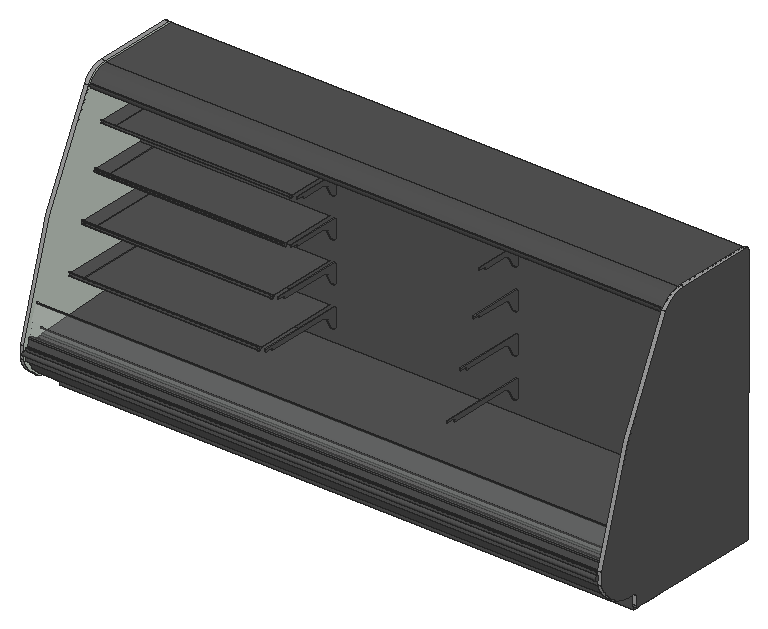
Revit family "E4_2014", category Specialty Equipment, Revit 2014
Parameters (values of type "12'-0" Length")
  Width = 144 3/8"
  Waste Drain Location = if(Width = 48 1/8", 23 7/8", if(Width = 72 1/8", 48 1/16", if(Width = 96 1/4", 71 7/8", if(Width = 144 3/8", 72 3/8", 0"))))  # 72 3/8"
  Waste Drain = 1 1/2"  # constant formula
  URL = "www.hussmann.com"
  Type Comments = "Elite"  # constant formula
  Trim = Stainless Steel
  Total Weight = Case Weight + (2 * End Weight)  # 1200.00 lbf
  Splashguard = Textured Sheet Metal (Steel Painted) - 701 Black
  Side Panel - Right [instance] = yes
  Side Panel - Left [instance] = yes
  Shelves = Sheet Metal (Steel Painted) - 701 Black
  Shelf Lights [instance] = yes
  Shelf [instance] = yes
  Revit Family Date = "05/26/2016"  # constant formula
  Refrigeration Lines Suction = 7/8"  # constant formula
  Refrigeration Lines Liquid = 3/8"  # constant formula
  Refrig. Suction = "Suction"
  Refrig. Liquid = "Liquid"
  Number of Supports = if(Width < 50", 2, if(Width < 100", 3, 4))  # 4
  Number of Shelves = 4  # constant formula
  Note from Manufacturer = "This model only comes in 4'-0\", 6'-0\", 8'-0\", and 10'-0\" lengths."
  Model URL = "http://www.hussmann.com/en/product%20viewer/display-cases/E4,%20E5"
  Model = "E4"  # constant formula
  Manufacturer Disclaimer = "The information in this file is not intended to be an exact representation of the corresponding Hussmann product.  Further, we reserve the right to change or revise specifications and product design in connection with any feature of our products. Such changes do not entitle the buyer to corresponding changes, improvements, additions, or replacements for equipment previously sold or shipped."  # constant formula
  Manufacturer = "Hussmann Corporation"  # constant formula
  Height = 66 1/2"  # constant formula
  Glazing = Glass
  Ends = Textured Sheet Metal (Steel Painted) - 701 Black
  End Weight = 100.00 lbf  # constant formula
  Description = "Self-Serve, Five-Level Display (4 Shelves plus Bottom Deck)"  # constant formula
  Depth = 46 1/2"  # constant formula
  Cutsheet URL = "http://www.hussmann.com/en/Technical%20Documents/0453528_D_E4.pdf"
  Case Weight = if(Width = 48 1/8", 400.00 lbf, if(Width = 72 1/8", 600.00 lbf, if(Width = 96 1/4", 800.00 lbf, if(Width = 144 3/8", 1000.00 lbf, 0.00 lbf))))  # 1000.00 lbf
  Case Interior - Side Panel = Mirror
  Case Interior - Back Panel = Sheet Metal (Steel Painted) - 701 Black
  Case = Textured Sheet Metal (Steel Painted) - 701 Black
  Bumper = Extruded PVC - 701 Black
  Assembly Code = ""
  Accessories/Options = ""
Types (4): name | Width | Waste Drain Location | Total Weight | Number of Supports | Case Weight
  12'-0" Length | 144 3/8" | 72 3/8" | 1200.00 lbf | 4 | 1000.00 lbf
  8'-0" Length | 96 1/4" | 71 7/8" | 1000.00 lbf | 3 | 800.00 lbf
  6'-0" Length | 72 1/8" | 48 1/16" | 800.00 lbf | 3 | 600.00 lbf
  4'-0" Length | 48 1/8" | 23 7/8" | 600.00 lbf | 2 | 400.00 lbf
Reference planes (in)
  plane 1 "Back": y = 0
  plane 2 "Bottom": z = 0
  plane 3 "Top": z = 66.5
  plane 4 "Left": x = -77.30699
  plane 5 "Front": y = -46.5
  plane 6 "Center (Left/Right)": x = -5.11949
  plane 7: x = -78.30699
  plane 8 "Right": x = 67.06801
  plane 9: x = 68.06801
  plane 10: z = 24
  plane 11: z = 34
  plane 12: z = 44
  plane 13: z = 54
Forms (in)
  Extrusion 1, solid, material "Metal - Copper"
    sketch origin (57.40105, 5, -0.375) x (1, 0, 0) y (0, 1, 0)
      loop
        circle (0.85446, -35.75) r 0.41359
      loop
        circle (0.85446, -35.75) r 0.4375
    from 5.798 to 4.367
  Extrusion 2, solid, material "Metal - Copper"
    sketch origin (59.82608, 5, -0.375) x (1, 0, 0) y (0, 1, 0)
      loop
        circle (-0.94557, -35.75) r 0.17188
      loop
        circle (-0.94557, -35.75) r 0.1875
    from 5.798 to 4.367
  Extrusion 3, solid, material "Metal - Copper"
    sketch origin (-56.6875, 1.04319, 0) x (1, 0, 0) y (0, 1, 0)
      loop
        arc (51.75551, -27.91819) -> (51.22518, -28.13786) -> (51.00551, -28.66819) r 0.75
        arc (51.00551, -28.66819) -> (51.22518, -29.19852) -> (51.75551, -29.41819) r 0.75
        arc (51.75551, -29.41819) -> (52.28584, -29.19852) -> (52.50551, -28.66819) r 0.75
        arc (52.50551, -28.66819) -> (52.28584, -28.13786) -> (51.75551, -27.91819) r 0.75
      loop
        circle (51.75551, -28.66819) r 0.7102
    from 5.423 to 2.937
  Extrusion 4, solid, material "Glass" <- "Glazing"
    sketch origin (-5.11949, 0, 0) x (0, 1, 0) y (0, 0, 1)
      loop
        line (-44.50959, 12.88862) -> (-44.1932, 14.68294)
        arc (-44.1932, 14.68294) -> (-43.27104, 18.17525) -> (-41.78034, 21.46531) r 21.62056
        arc (-41.78034, 21.46531) -> (-41.87149, 21.7867) -> (-42.19288, 21.69555) r 0.23622
        arc (-42.19288, 21.69555) -> (-43.71615, 18.3336) -> (-44.65846, 14.76498) r 22.093
        line (-44.65846, 14.76498) -> (-44.97485, 12.97066) -> (-44.50959, 12.88862)
      loop
        line (-40.8656, 13.23102) -> (-40.6156, 13.23102) -> (-40.6156, 15.60602)
        arc (-40.6156, 15.60602) -> (-40.7406, 15.73102) -> (-40.8656, 15.60602) r 0.125
        line (-40.8656, 15.60602) -> (-40.8656, 13.23102)
    from 72.1875 to -72.1875
  Extrusion 5, solid, material "Extruded PVC - 701 Black" <- "Bumper"
    sketch origin (-5.11949, 0, 0) x (0, 1, 0) y (0, 0, 1)
      loop
        arc (-45.94659, 12.55351) -> (-46.50009, 12.00001) -> (-45.94659, 11.44651) r 0.5535
        line (-45.94659, 11.44651) -> (-45.67609, 11.44651) -> (-45.67609, 12.55351) -> (-45.94659, 12.55351)
    from 72.1875 to -72.1875
  Extrusion 6, solid, material "Textured Sheet Metal (Steel Painted) - 701 Black" <- "Case"
    sketch origin (-5.11949, 0, 0) x (0, 1, 0) y (0, 0, 1)
      loop
        line (-45.67609, 10.24862) -> (-44.73721, 10.24862)
        arc (-44.73721, 10.24862) -> (-41.75268, 5.96635) -> (-36.79912, 4.3209) r 8.279
        line (-36.79912, 4.3209) -> (-36.06134, 4.3209) -> (-36.06134, 4.38714) -> (-36.43529, 4.38714) -> (-36.43529, 4.854) -> (-33.93228, 4.854) -> (-33.93228, 5.326) -> (-33.43228, 5.326) -> (-33.43228, 5.423) -> (-10.24695, 5.423) -> (-3.25, 9.46027) -> (-3.25, 52.08442) -> (-0.097, 52.08442) -> (-0.097, 51.08442) -> (0, 51.08442) -> (0, 66.50039) -> (-20.44085, 66.50039)
        arc (-20.44085, 66.50039) -> (-23.16891, 65.76062) -> (-25.30962, 63.91482) r 6.37988
        arc (-25.30962, 63.91482) -> (-25.35515, 63.82972) -> (-25.37453, 63.73517) r 0.335
        arc (-25.37453, 63.73517) -> (-25.1863, 63.00019) -> (-24.60768, 62.50946) r 1.25
        arc (-24.60768, 62.50946) -> (-24.55537, 62.53098) -> (-24.57689, 62.5833) r 0.04
        arc (-24.57689, 62.5833) -> (-24.83632, 62.73301) -> (-25.04923, 62.94369) r 1.17
        line (-25.04923, 62.94369) -> (-23.91618, 64.90653) -> (-20.45439, 64.90653) -> (-20.45439, 64.05204) -> (-19.22382, 62.82147) -> (-18.95423, 63.09106) -> (-16.62259, 60.75926) -> (-15.73735, 61.64442) -> (-9.61528, 61.64442) -> (-9.61528, 11.262) -> (-38.9886, 11.262) -> (-38.9886, 12.43402) -> (-38.78944, 12.43402) -> (-38.78944, 13.23102) -> (-40.8656, 13.23102) -> (-40.8656, 13.99702) -> (-42.17486, 13.99702) -> (-42.17486, 14.06002) -> (-44.10112, 15.17215)
        arc (-44.10112, 15.17215) -> (-44.14857, 14.92781) -> (-44.1932, 14.68294) r 21.62056
        line (-44.1932, 14.68294) -> (-44.50959, 12.88862) -> (-44.97485, 12.97066) -> (-44.65846, 14.76498)
        arc (-44.65846, 14.76498) -> (-44.62227, 14.96484) -> (-44.58425, 15.16436) r 22.093
        line (-44.58425, 15.16436) -> (-44.64216, 15.17567)
        arc (-44.64216, 15.17567) -> (-44.68028, 14.97562) -> (-44.71657, 14.77522) r 22.152
        line (-44.71657, 14.77522) -> (-44.98681, 13.24262) -> (-45.58709, 13.24262)
        arc (-45.58709, 13.24262) -> (-45.65002, 13.21655) -> (-45.67609, 13.15362) r 0.089
        line (-45.67609, 13.15362) -> (-45.67609, 10.24862)
    from 72.1875 to -72.1875
  Extrusion 7, solid, material "Sheet Metal (Steel Painted) - 701 Black" <- "Shelves"
    sketch origin (-5.11949, 0, 0) x (0, 1, 0) y (0, 0, 1)
      loop
        line (-9.67192, 15.84168) -> (-40.5277, 14.22713) -> (-40.48501, 13.41115) -> (-9.62922, 15.0257) -> (-9.67192, 15.84168)
    from 72.1875 to -72.1875
  Extrusion 8, solid, material "Textured Sheet Metal (Steel Painted) - 701 Black" <- "Splashguard"
    sketch origin (-5.11949, 0, 0) x (0, 1, 0) y (0, 0, 1)
      loop
        line (-34.07685, 4.28551) -> (-34.28029, 4.28551) -> (-34.28029, 4.854) -> (-34.93629, 4.854) -> (-34.93629, 4.783) -> (-34.35129, 4.783) -> (-34.35129, 4.28551) -> (-34.62571, 4.28551) -> (-34.62571, 0) -> (-34.07685, 0) -> (-34.07685, 4.28551)
      loop
        line (-33.80428, 0) -> (-28.40228, 0) -> (-28.40228, 1.984) -> (-28.94928, 1.984) -> (-28.94928, 0.547) -> (-33.80428, 0.547) -> (-33.80428, 0)
    from 72.1875 to -72.1875
  Extrusion 9, solid, material "Stainless Steel"
    sketch origin (-5.11949, 0, 0) x (0, 1, 0) y (0, 0, 1)
      loop
        line (-26.08128, 0.071) -> (-28.33128, 0.071) -> (-28.33128, 2.173) -> (-29.27728, 2.173) -> (-29.27728, 2.102) -> (-28.40228, 2.102) -> (-28.40228, 0) -> (-26.01028, 0) -> (-26.01028, 2.102) -> (-25.13528, 2.102) -> (-25.13528, 2.173) -> (-26.08128, 2.173) -> (-26.08128, 0.071)
      loop
        line (-7.63528, 2.173) -> (-7.63528, 2.102) -> (-6.76028, 2.102) -> (-6.76028, 0) -> (-4.36828, 0) -> (-4.36828, 2.102) -> (-3.49328, 2.102) -> (-3.49328, 2.173) -> (-4.43928, 2.173) -> (-4.43928, 0.071) -> (-6.68928, 0.071) -> (-6.68928, 2.173) -> (-7.63528, 2.173)
    from 72.1875 to -72.1875
  Extrusion 10, solid, material "Textured Sheet Metal (Steel Painted) - 701 Black" <- "Ends", visible <- "Side Panel - Left"
    sketch origin (-77.30699, 0, 0) x (0, 1, 0) y (0, 0, 1)
      loop
        arc (-25.68265, 63.61483) -> (-37.78136, 39.41947) -> (-45.83963, 13.59587) r 167.9898
        line (-45.83963, 13.59587) -> (-45.83963, 10.47002)
        arc (-45.83963, 10.47002) -> (-42.57563, 5.93509) -> (-37.26425, 4.20058) r 8.99945
        line (-37.26425, 4.20058) -> (-35.51835, 4.20058)
        arc (-35.51835, 4.20058) -> (-35.16482, 4.05415) -> (-35.01838, 3.70061) r 0.49997
        line (-35.01838, 3.70061) -> (-35.01838, 1.34961)
        arc (-35.01838, 1.34961) -> (-34.87194, 0.99608) -> (-34.51841, 0.84964) r 0.49997
        line (-34.51841, 0.84964) -> (-0.3104, 0.84964)
        arc (-0.3104, 0.84964) -> (0.04314, 0.99608) -> (0.18957, 1.34961) r 0.49997
        line (0.18957, 1.34961) -> (0.18957, 66.25067)
        arc (0.18957, 66.25067) -> (0.04314, 66.60421) -> (-0.3104, 66.75064) r 0.49997
        line (-0.3104, 66.75064) -> (-20.12119, 66.75064)
        arc (-20.12119, 66.75064) -> (-23.31349, 65.91267) -> (-25.68265, 63.61483) r 6.49961
    from 0 to -1
  Extrusion 11, solid, material "Textured Sheet Metal (Steel Painted) - 701 Black" <- "Ends", visible <- "Side Panel - Right"
    sketch origin (67.06801, 0, 0) x (0, 0, 1) y (0, -1, 0)
      loop
        arc (63.61483, 25.68265) -> (39.41947, 37.78136) -> (13.59587, 45.83963) r 167.9898
        line (13.59587, 45.83963) -> (10.47002, 45.83963)
        arc (10.47002, 45.83963) -> (5.93509, 42.57563) -> (4.20058, 37.26425) r 8.99945
        line (4.20058, 37.26425) -> (4.20058, 35.51835)
        arc (4.20058, 35.51835) -> (4.05415, 35.16482) -> (3.70061, 35.01838) r 0.49997
        line (3.70061, 35.01838) -> (1.34961, 35.01838)
        arc (1.34961, 35.01838) -> (0.99608, 34.87194) -> (0.84964, 34.51841) r 0.49997
        line (0.84964, 34.51841) -> (0.84964, 0.3104)
        arc (0.84964, 0.3104) -> (0.99608, -0.04314) -> (1.34961, -0.18957) r 0.49997
        line (1.34961, -0.18957) -> (66.25067, -0.18957)
        arc (66.25067, -0.18957) -> (66.60421, -0.04314) -> (66.75064, 0.3104) r 0.49997
        line (66.75064, 0.3104) -> (66.75064, 20.12119)
        arc (66.75064, 20.12119) -> (65.91267, 23.31349) -> (63.61483, 25.68265) r 6.49961
    from 1 to 0
  Extrusion 12, solid, material "Sheet Metal (Steel Painted) - 701 Black" <- "Shelves", visible <- "Shelf"
    sketch origin (-77.30699, 0, 0) x (0, 1, 0) y (0, 0, 1)
      loop
        line (-21.83741, 53.38588) -> (-21.63861, 53.58468) -> (-21.67113, 53.58468) -> (-21.85367, 53.40214)
        arc (-21.85367, 53.40214) -> (-21.87002, 53.39889) -> (-21.87928, 53.41275) r 0.015
        line (-21.87928, 53.41275) -> (-21.87928, 54.058)
        arc (-21.87928, 54.058) -> (-21.81666, 54.13197) -> (-21.73337, 54.08242) r 0.075
        line (-21.73337, 54.08242) -> (-21.70589, 54.00263)
        arc (-21.70589, 54.00263) -> (-21.69203, 53.98406) -> (-21.66997, 53.977) r 0.038
        line (-21.66997, 53.977) -> (-9.83349, 53.977) -> (-9.85649, 54) -> (-21.68067, 54) -> (-21.71162, 54.0899)
        arc (-21.71162, 54.0899) -> (-21.82046, 54.15465) -> (-21.90228, 54.058) r 0.098
        line (-21.90228, 54.058) -> (-21.90228, 53.41275)
        arc (-21.90228, 53.41275) -> (-21.87882, 53.37764) -> (-21.83741, 53.38588) r 0.038
      loop
        line (-27.83741, 33.38588) -> (-27.63861, 33.58468) -> (-27.67113, 33.58468) -> (-27.85367, 33.40214)
        arc (-27.85367, 33.40214) -> (-27.87002, 33.39889) -> (-27.87928, 33.41275) r 0.015
        line (-27.87928, 33.41275) -> (-27.87928, 34.058)
        arc (-27.87928, 34.058) -> (-27.81666, 34.13197) -> (-27.73337, 34.08242) r 0.075
        line (-27.73337, 34.08242) -> (-27.70589, 34.00263)
        arc (-27.70589, 34.00263) -> (-27.69203, 33.98406) -> (-27.66997, 33.977) r 0.038
        line (-27.66997, 33.977) -> (-9.83349, 33.977) -> (-9.85649, 34) -> (-27.68067, 34) -> (-27.71162, 34.0899)
        arc (-27.71162, 34.0899) -> (-27.82046, 34.15465) -> (-27.90228, 34.058) r 0.098
        line (-27.90228, 34.058) -> (-27.90228, 33.41275)
        arc (-27.90228, 33.41275) -> (-27.87882, 33.37764) -> (-27.83741, 33.38588) r 0.038
      loop
        line (-31.83741, 23.38588) -> (-31.63861, 23.58468) -> (-31.67113, 23.58468) -> (-31.85367, 23.40214)
        arc (-31.85367, 23.40214) -> (-31.87002, 23.39889) -> (-31.87928, 23.41275) r 0.015
        line (-31.87928, 23.41275) -> (-31.87928, 24.058)
        arc (-31.87928, 24.058) -> (-31.81666, 24.13197) -> (-31.73337, 24.08242) r 0.075
        line (-31.73337, 24.08242) -> (-31.70589, 24.00263)
        arc (-31.70589, 24.00263) -> (-31.69203, 23.98406) -> (-31.66997, 23.977) r 0.038
        line (-31.66997, 23.977) -> (-9.83349, 23.977) -> (-9.85649, 24) -> (-31.68067, 24) -> (-31.71162, 24.0899)
        arc (-31.71162, 24.0899) -> (-31.82046, 24.15465) -> (-31.90228, 24.058) r 0.098
        line (-31.90228, 24.058) -> (-31.90228, 23.41275)
        arc (-31.90228, 23.41275) -> (-31.87882, 23.37764) -> (-31.83741, 23.38588) r 0.038
      loop
        line (-23.83741, 43.38588) -> (-23.63861, 43.58468) -> (-23.67113, 43.58468) -> (-23.85367, 43.40214)
        arc (-23.85367, 43.40214) -> (-23.87002, 43.39889) -> (-23.87928, 43.41275) r 0.015
        line (-23.87928, 43.41275) -> (-23.87928, 44.058)
        arc (-23.87928, 44.058) -> (-23.81666, 44.13197) -> (-23.73337, 44.08242) r 0.075
        line (-23.73337, 44.08242) -> (-23.70589, 44.00263)
        arc (-23.70589, 44.00263) -> (-23.69203, 43.98406) -> (-23.66997, 43.977) r 0.038
        line (-23.66997, 43.977) -> (-9.83349, 43.977) -> (-9.85649, 44) -> (-23.68067, 44) -> (-23.71162, 44.0899)
        arc (-23.71162, 44.0899) -> (-23.82046, 44.15465) -> (-23.90228, 44.058) r 0.098
        line (-23.90228, 44.058) -> (-23.90228, 43.41275)
        arc (-23.90228, 43.41275) -> (-23.87882, 43.37764) -> (-23.83741, 43.38588) r 0.038
    from 0 to 48.125
Lines and regions (in)
  reference lines
    curve 1: line (-73.80699, -46.5, 0) -> (-73.80699, 0, 0)
    curve 2: line (-4.93199, -46.5, 0) -> (-4.93199, 0, 0)
    curve 3: line (63.56801, -46.5, 0) -> (63.56801, 0, 0)
    curve 4: line (58.69301, -46.5, 0) -> (58.69301, 0, 0)
    curve 5: line (-77.30699, -27.625, 0) -> (67.06801, -27.625, 0)
    curve 6: line (67.06801, -30.75, 0) -> (-77.30699, -30.75, 0)
Dimensions and locks (in)
  equal spacing: plane 4 "Left", plane 6 "Center (Left/Right)", plane 8 "Right"
  locked: plane 7 to plane 4 "Left" at 1
  "Width": plane 4 "Left" to plane 8 "Right"
  locked: plane 4 "Left" to curve 1 at 3.5
  "Waste Drain Location": plane 4 "Left" to curve 2
  locked: curve 3 to plane 8 "Right" at 3.5
  "Depth": plane 5 "Front" to plane 1 "Back"
  locked: curve 4 to plane 8 "Right" at 8.375
  "Height": plane 3 "Top" to level
  locked: plane 1 "Back" to curve 5 at 27.625
  locked: plane 1 "Back" to curve 6 at 30.75
  locked: plane 8 "Right" to plane 9 at 1
  locked: Extrusion 3 sketch curve to Extrusion 3 sketch curve at 0.0398
  locked: Extrusion 2 sketch curve to Extrusion 2 sketch curve at 0.01562
  locked: Extrusion 1 sketch curve to Extrusion 1 sketch curve at 0.02391
  equal spacing: group 1, group 3, group 4, group 2  (x3)
  locked: plane 10 to level at 24
  locked: level to plane 11 at 34
  locked: level to plane 12 at 44
  locked: level to plane 13 at 54
  "Waste Drain": diameter of Extrusion 3 sketch curve
  "Refrigeration Lines Liquid": diameter of Extrusion 2 sketch curve
  "Refrigeration Lines Suction": diameter of Extrusion 1 sketch curve
  aligned and locked: plane 5 "Front" to curve 3
  aligned and locked: plane 5 "Front" to curve 2
  aligned and locked: plane 5 "Front" to curve 1
  aligned and locked: plane 4 "Left" to curve 5
  aligned and locked: plane 4 "Left" to curve 6
  aligned and locked: plane 8 "Right" to curve 6
  aligned and locked: plane 8 "Right" to curve 5
  aligned and locked: curve 6 to Extrusion 2 sketch curve  (x4)
  aligned and locked: curve 6 to Extrusion 1 sketch curve  (x4)
  aligned and locked: curve 5 to Extrusion 3 sketch curve
  aligned and locked: curve 2 to Extrusion 3 sketch curve
  aligned and locked: curve 4 to Extrusion 2 sketch curve
  aligned and locked: curve 4 to Extrusion 1 sketch curve
  aligned and locked: Extrusion 4 to plane 4 "Left"
  aligned and locked: plane 8 "Right" to Extrusion 4
  aligned and locked: Extrusion 5 to plane 4 "Left"
  aligned and locked: plane 8 "Right" to Extrusion 5
  aligned and locked: Extrusion 6 to plane 4 "Left"
  aligned and locked: plane 8 "Right" to Extrusion 6
  aligned and locked: Extrusion 7 to plane 4 "Left"
  aligned and locked: plane 8 "Right" to Extrusion 7
  aligned and locked: Extrusion 8 to plane 4 "Left"
  aligned and locked: plane 8 "Right" to Extrusion 8
  aligned and locked: Extrusion 9 to plane 4 "Left"
  aligned and locked: plane 8 "Right" to Extrusion 9
  aligned and locked: plane 4 "Left" to nested 1
  aligned and locked: plane 4 "Left" to nested 2
  aligned and locked: plane 7 to Extrusion 10
  aligned and locked: plane 4 "Left" to Extrusion 10
  aligned and locked: plane 9 to Extrusion 11
  aligned and locked: Extrusion 11 to plane 8 "Right"
  aligned and locked: curve 1 to nested 7
  aligned and locked: curve 3 to nested 8
  aligned and locked: curve 1 to nested 11
  aligned and locked: curve 1 to nested 3
  aligned and locked: curve 1 to nested 12
  aligned and locked: curve 1 to nested 4
  aligned and locked: curve 3 to nested 9
  aligned and locked: plane 4 "Left" to nested 13
  aligned and locked: plane 4 "Left" to nested 14
  aligned and locked: plane 4 "Left" to nested 15
  aligned and locked: plane 4 "Left" to nested 16
Automatic sketch dimensions
  Extrusion 4 sketch curve to Extrusion 4 sketch curve = 0"  (x3)
  plane 5 "Front" to Extrusion 4 sketch curve = 1.52515"
  Extrusion 4 sketch curve to Extrusion 4 sketch curve = 81/256"
  Extrusion 4 sketch curve to Extrusion 4 sketch curve = 0.46526"  (x2)
  plane 5 "Front" to Extrusion 4 sketch curve = 4.51339"
  Extrusion 4 sketch curve to Extrusion 4 sketch curve = 3.3276"
  Extrusion 4 sketch curve to Extrusion 4 sketch curve = 1/8"
  level to Extrusion 4 sketch curve = 10.92857"
  Extrusion 4 sketch curve to Extrusion 4 sketch curve = 17.71449"
  level to Extrusion 4 sketch curve = 12.88862"
  Extrusion 4 sketch curve to Extrusion 4 sketch curve = 21/256"
  Extrusion 4 sketch curve to Extrusion 4 sketch curve = 0.92309"
  Extrusion 4 sketch curve to Extrusion 4 sketch curve = 5.97441"
  Extrusion 4 sketch curve to Extrusion 4 sketch curve = 2 3/8"
  plane 5 "Front" to Extrusion 5 sketch curve = 0.55341"
  level to Extrusion 5 sketch curve = 11.44651"
  Extrusion 5 sketch curve to Extrusion 5 sketch curve = 0.5535"
  Extrusion 5 sketch curve to Extrusion 5 sketch curve = 0.2705"
  plane 5 "Front" to Extrusion 6 sketch curve = 0.82391"
  Extrusion 6 sketch curve to Extrusion 6 sketch curve = 0.089"
  Extrusion 6 sketch curve to Extrusion 6 sketch curve = 0.60029"
  Extrusion 6 sketch curve to Extrusion 6 sketch curve = 0.27024"
  Extrusion 6 sketch curve to Extrusion 6 sketch curve = 1.5326"
  level to Extrusion 6 sketch curve = 10.92857"
  Extrusion 6 sketch curve to Extrusion 6 sketch curve = 0.07441"
  Extrusion 6 sketch curve to Extrusion 6 sketch curve = 0.05791"
  Extrusion 6 sketch curve to Extrusion 6 sketch curve = 0.01131"
  Extrusion 6 sketch curve to Extrusion 6 sketch curve = 0"  (x9)
  Extrusion 6 sketch curve to Extrusion 6 sketch curve = 0.0581"
  Extrusion 6 sketch curve to Extrusion 6 sketch curve = 0.01196"
  Extrusion 6 sketch curve to Extrusion 6 sketch curve = 0.27196"
  Extrusion 6 sketch curve to Extrusion 6 sketch curve = 0.46526"  (x2)
  Extrusion 6 sketch curve to Extrusion 6 sketch curve = 0.48313"
  Extrusion 6 sketch curve to Extrusion 6 sketch curve = 2.01834"
  Extrusion 6 sketch curve to Extrusion 6 sketch curve = 0.62291"
  Extrusion 6 sketch curve to Extrusion 6 sketch curve = 1.30926"
  Extrusion 6 sketch curve to Extrusion 6 sketch curve = 0.063"
  Extrusion 6 sketch curve to Extrusion 6 sketch curve = 0.766"
  Extrusion 6 sketch curve to Extrusion 6 sketch curve = 0.797"
  Extrusion 6 sketch curve to Extrusion 6 sketch curve = 0.19916"
  Extrusion 6 sketch curve to Extrusion 6 sketch curve = 1.17202"
  plane 1 "Back" to Extrusion 6 sketch curve = 9.61528"
  Extrusion 6 sketch curve to Extrusion 6 sketch curve = 6.12207"
  plane 3 "Top" to Extrusion 6 sketch curve = 5.74074"
  Extrusion 6 sketch curve to Extrusion 6 sketch curve = 0.88523"
  plane 3 "Top" to Extrusion 6 sketch curve = 3.67853"
  Extrusion 6 sketch curve to Extrusion 6 sketch curve = 0.26959"
  plane 3 "Top" to Extrusion 6 sketch curve = 3.40894"
  plane 3 "Top" to Extrusion 6 sketch curve = 2.44796"
  Extrusion 6 sketch curve to Extrusion 6 sketch curve = 0.8545"
  Extrusion 6 sketch curve to Extrusion 6 sketch curve = 3.46179"
  plane 3 "Top" to Extrusion 6 sketch curve = 3.55631"
  Extrusion 6 sketch curve to Extrusion 6 sketch curve = 1.13306"
  Extrusion 6 sketch curve to Extrusion 6 sketch curve = 0.92263"
  Extrusion 6 sketch curve to Extrusion 6 sketch curve = 0.71948"
  Extrusion 6 sketch curve to Extrusion 6 sketch curve = 0.47234"
  Extrusion 6 sketch curve to Extrusion 6 sketch curve = 0.01539"  (x2)
  Extrusion 6 sketch curve to Extrusion 6 sketch curve = 0.3253"
  Extrusion 6 sketch curve to Extrusion 6 sketch curve = 0.33444"
  Extrusion 6 sketch curve to Extrusion 6 sketch curve = 0.9528"
  Extrusion 6 sketch curve to Extrusion 6 sketch curve = 2.69548"
  Extrusion 6 sketch curve to plane 3 "Top" = 0.00039"
  Extrusion 6 sketch curve to Extrusion 6 sketch curve = 10.56"
  Extrusion 6 sketch curve to Extrusion 6 sketch curve = 3.153"
  level to Extrusion 6 sketch curve = 9.46027"
  Extrusion 6 sketch curve to Extrusion 6 sketch curve = 0.63167"
  level to Extrusion 6 sketch curve = 5.423"
  Extrusion 6 sketch curve to Extrusion 6 sketch curve = 5.55632"
  Extrusion 6 sketch curve to Extrusion 6 sketch curve = 12.65415"
  Extrusion 6 sketch curve to Extrusion 6 sketch curve = 1/2"
  Extrusion 6 sketch curve to Extrusion 6 sketch curve = 0.472"
  Extrusion 6 sketch curve to Extrusion 6 sketch curve = 3.003"
  Extrusion 6 sketch curve to Extrusion 6 sketch curve = 0.46685"
  Extrusion 6 sketch curve to Extrusion 6 sketch curve = 0.37395"
  Extrusion 6 sketch curve to Extrusion 6 sketch curve = 0.06624"
  Extrusion 6 sketch curve to Extrusion 6 sketch curve = 0.36383"
  Extrusion 6 sketch curve to Extrusion 6 sketch curve = 0.16588"
  Extrusion 6 sketch curve to Extrusion 6 sketch curve = 0.93888"
  Extrusion 6 sketch curve to Extrusion 6 sketch curve = 1.01338"
  Extrusion 6 sketch curve to Extrusion 6 sketch curve = 1.877"
  Extrusion 6 sketch curve to Extrusion 6 sketch curve = 0.097"
  plane 1 "Back" to Extrusion 6 sketch curve = 0.097"
  plane 5 "Front" to Extrusion 7 sketch curve = 5.9723"
  Extrusion 7 sketch curve to Extrusion 7 sketch curve = 0.0427"
  plane 1 "Back" to Extrusion 7 sketch curve = 9.67192"
  level to Extrusion 7 sketch curve = 13.41115"
  Extrusion 7 sketch curve to Extrusion 7 sketch curve = 0.81598"
  Extrusion 8 sketch curve to level = 0"  (x2)
  level to Extrusion 8 sketch curve = 4.854"
  plane 5 "Front" to Extrusion 8 sketch curve = 11.56371"
  Extrusion 8 sketch curve to Extrusion 8 sketch curve = 0.31058"
  Extrusion 8 sketch curve to Extrusion 8 sketch curve = 0.27442"
  Extrusion 8 sketch curve to Extrusion 8 sketch curve = 0.071"  (x2)
  Extrusion 8 sketch curve to Extrusion 8 sketch curve = 0.54886"
  Extrusion 8 sketch curve to Extrusion 8 sketch curve = 0.27257"
  level to Extrusion 8 sketch curve = 1.984"
  Extrusion 8 sketch curve to Extrusion 8 sketch curve = 4.855"
  Extrusion 8 sketch curve to Extrusion 8 sketch curve = 0.547"  (x2)
  Extrusion 8 sketch curve to Extrusion 8 sketch curve = 0.56849"
  Extrusion 8 sketch curve to Extrusion 8 sketch curve = 0"
  Extrusion 9 sketch curve to level = 0"  (x2)
  level to Extrusion 9 sketch curve = 2.173"
  plane 5 "Front" to Extrusion 9 sketch curve = 17.22272"
  Extrusion 9 sketch curve to Extrusion 9 sketch curve = 7/8"  (x4)
  Extrusion 9 sketch curve to Extrusion 9 sketch curve = 0.071"  (x8)
  Extrusion 9 sketch curve to Extrusion 9 sketch curve = 2 1/4"  (x2)
  level to Extrusion 9 sketch curve = 2.102"  (x2)
  plane 1 "Back" to Extrusion 9 sketch curve = 7.63528"
  level to Extrusion 9 sketch curve = 0.071"  (x2)
  Extrusion 9 sketch curve to Extrusion 9 sketch curve = 2.031"
  Extrusion 10 sketch curve to plane 3 "Top" = 0.25064"
  plane 1 "Back" to Extrusion 10 sketch curve = 20.12119"
  plane 3 "Top" to Extrusion 10 sketch curve = 6.24896"
  plane 3 "Top" to Extrusion 10 sketch curve = 2.88517"
  Extrusion 10 sketch curve to level = 23.37137"
  Extrusion 10 sketch curve to plane 1 "Back" = 118.03226"
  plane 5 "Front" to Extrusion 10 sketch curve = 0.66037"
  Extrusion 10 sketch curve to Extrusion 10 sketch curve = 3.12585"
  Extrusion 10 sketch curve to Extrusion 10 sketch curve = 8.57538"
  Extrusion 10 sketch curve to Extrusion 10 sketch curve = 0.39583"
  Extrusion 10 sketch curve to Extrusion 10 sketch curve = 1.7459"
  Extrusion 10 sketch curve to Extrusion 10 sketch curve = 0.49997"  (x3)
  level to Extrusion 10 sketch curve = 1.34961"
  plane 1 "Back" to Extrusion 10 sketch curve = 0.3104"
  plane 3 "Top" to Extrusion 10 sketch curve = 0.24933"
  Extrusion 10 sketch curve to plane 1 "Back" = 0.18957"
  Extrusion 11 sketch curve to level = 23.37137"
  level to Extrusion 11 sketch curve = 0.84964"
  Extrusion 11 sketch curve to plane 1 "Back" = 0.18957"
  Extrusion 11 sketch curve to Extrusion 11 sketch curve = 0.49997"  (x3)
  Extrusion 11 sketch curve to Extrusion 11 sketch curve = 2.351"
  plane 5 "Front" to Extrusion 11 sketch curve = 0.66037"
  level to Extrusion 11 sketch curve = 10.47002"
  Extrusion 11 sketch curve to Extrusion 11 sketch curve = 2.73002"
  Extrusion 11 sketch curve to Extrusion 11 sketch curve = 3.12585"
  plane 3 "Top" to Extrusion 11 sketch curve = 6.24896"
  plane 3 "Top" to Extrusion 11 sketch curve = 0.24933"
  Extrusion 11 sketch curve to plane 3 "Top" = 0.25064"
  Extrusion 11 sketch curve to plane 1 "Back" = 118.03226"
  Extrusion 11 sketch curve to Extrusion 11 sketch curve = 19.8108"
  Extrusion 11 sketch curve to Extrusion 11 sketch curve = 2.74584"
  Extrusion 12 sketch curve to Extrusion 12 sketch curve = 0"  (x16)
  plane 10 to Extrusion 12 sketch curve = 0"
  plane 11 to Extrusion 12 sketch curve = 0"
  plane 13 to Extrusion 12 sketch curve = 0"
  plane 12 to Extrusion 12 sketch curve = 0"
  Extrusion 12 sketch curve to plane 10 = 0.058"
  plane 5 "Front" to Extrusion 12 sketch curve = 14.59772"
  Extrusion 12 sketch curve to Extrusion 12 sketch curve = 0.023"  (x8)
  Extrusion 12 sketch curve to Extrusion 12 sketch curve = 0.015"  (x4)
  plane 10 to Extrusion 12 sketch curve = 0.59786"
  Extrusion 12 sketch curve to Extrusion 12 sketch curve = 0.01061"  (x3)
  plane 10 to Extrusion 12 sketch curve = 0.61412"
  Extrusion 12 sketch curve to Extrusion 12 sketch curve = 0.075"  (x4)
  Extrusion 12 sketch curve to plane 10 = 0.08242"
  Extrusion 12 sketch curve to plane 10 = 0.0899"
  Extrusion 12 sketch curve to plane 10 = 0.00263"
  Extrusion 12 sketch curve to Extrusion 12 sketch curve = 0.02747"  (x4)
  Extrusion 12 sketch curve to Extrusion 12 sketch curve = 0.02523"  (x4)
  Extrusion 12 sketch curve to Extrusion 12 sketch curve = 0.18254"  (x4)
  Extrusion 12 sketch curve to Extrusion 12 sketch curve = 0.0107"  (x4)
  Extrusion 12 sketch curve to Extrusion 12 sketch curve = 0.03253"  (x4)
  Extrusion 12 sketch curve to plane 11 = 0.058"
  Extrusion 12 sketch curve to Extrusion 12 sketch curve = 3.80934"  (x2)
  plane 11 to Extrusion 12 sketch curve = 0.59786"
  plane 11 to Extrusion 12 sketch curve = 0.61412"
  Extrusion 12 sketch curve to plane 11 = 0.08242"
  Extrusion 12 sketch curve to plane 11 = 0.0899"
  Extrusion 12 sketch curve to plane 11 = 0.00263"
  plane 11 to Extrusion 12 sketch curve = 0.41532"
  plane 12 to Extrusion 12 sketch curve = 0.58725"
  Extrusion 12 sketch curve to plane 13 = 0.058"
  Extrusion 12 sketch curve to Extrusion 12 sketch curve = 2"
  plane 12 to Extrusion 12 sketch curve = 0.59786"
  plane 13 to Extrusion 12 sketch curve = 0.59786"
  plane 12 to Extrusion 12 sketch curve = 0.61412"
  plane 13 to Extrusion 12 sketch curve = 0.61412"
  Extrusion 12 sketch curve to plane 12 = 0.058"
  Extrusion 12 sketch curve to plane 13 = 0.08242"
  Extrusion 12 sketch curve to plane 12 = 0.08242"
  Extrusion 12 sketch curve to plane 13 = 0.0899"
  Extrusion 12 sketch curve to plane 12 = 0.0899"
  Extrusion 12 sketch curve to plane 12 = 0.00263"
  Extrusion 12 sketch curve to plane 13 = 0.00263"
  plane 12 to Extrusion 12 sketch curve = 0.41532"
  plane 13 to Extrusion 12 sketch curve = 0.41532"
  plane 1 "Back" to Extrusion 12 sketch curve = 9.85649"  (x4)
  plane 10 to Extrusion 12 sketch curve = 0.023"
  plane 12 to Extrusion 12 sketch curve = 0.023"
  Extrusion 12 sketch curve to Extrusion 12 sketch curve = 0.1988"
  plane 11 to Extrusion 12 sketch curve = 0.023"
  plane 13 to Extrusion 12 sketch curve = 0.023"
  Extrusion 6 sketch curve to Extrusion 6 sketch curve = 1"
  Extrusion 6 sketch curve to plane 1 "Back" = 0"
  Extrusion 6 sketch curve to Extrusion 6 sketch curve = 8.42665"
  Extrusion 1 sketch curve to Extrusion 1 sketch curve = 0"
  Extrusion 2 sketch curve to Extrusion 2 sketch curve = 0"
  curve 4 to plane 5 "Front" = 0"
  plane 1 "Back" to curve 4 = 0"
  plane 1 "Back" to curve 1 = 0"
  plane 1 "Back" to curve 3 = 0"
  plane 1 "Back" to curve 2 = 0"
  Extrusion 3 sketch curve to Extrusion 3 sketch curve = 0"  (x3)
Nested families (in)
  nested 1: "Light" at (-5.30699, -14.68675, 12.40653), type "Light"
    with Length 144 3/8"
  nested 2: "Light" at (-5.30699, -12.68675, 12.40653), type "Light"
    with Length 144 3/8"
  nested 3: "Shelf - E Series" at (-73.93199, -9.60228, 29.08109), visible <- "Shelf", type "18""
    with Depth 18"
  nested 4: "Shelf - E Series" at (-73.93199, -9.60228, 49.08109), visible <- "Shelf", type "12""
  nested 5: "Shelf - E Series" at (63.44301, -9.60228, 29.08109), visible <- "Shelf", type "18""
    with Depth 18"
  nested 6: "Shelf - E Series" at (63.44301, -9.60228, 49.08109), visible <- "Shelf", type "12""
  nested 7: "Cross Member - E Series" at (-72.3125, 0.34772, 0), type "Cross Member - E Series"
  nested 8: "Cross Member - E Series" at (65.0625, 0.34772, 0), type "Cross Member - E Series"
  nested 9: "Shelf - E Series" at (63.44301, -9.60228, 19.08109), visible <- "Shelf", type "22""
    with Depth 22"
  nested 10: "Shelf - E Series" at (63.44301, -9.60228, 39.08109), visible <- "Shelf", type "14""
    with Depth 14"
  nested 11: "Shelf - E Series" at (-73.93199, -9.60228, 19.08109), visible <- "Shelf", type "22""
    with Depth 22"
  nested 12: "Shelf - E Series" at (-73.93199, -9.60228, 39.08109), visible <- "Shelf", type "14""
    with Depth 14"
  nested 13: "Light" at (-5.30699, -11.97829, 0.9785), visible <- "Shelf Lights", type "Light"
    with Length 144 3/8"
  nested 14: "Light" at (-5.30699, -13.97829, -9.0215), visible <- "Shelf Lights", type "Light"
    with Length 144 3/8"
  nested 15: "Light" at (-5.30699, -17.97829, -19.0215), visible <- "Shelf Lights", type "Light"
    with Length 144 3/8"
  nested 16: "Light" at (-5.30699, -21.97829, -29.0215), visible <- "Shelf Lights", type "Light"
    with Length 144 3/8"
  nested 17: "Shelf - E Series" at (-28.14032, -9.60228, 29.08109), visible <- "Shelf", type "18""
    with Depth 18"
  nested 18: "Shelf - E Series" at (-28.14032, -9.60228, 49.08109), visible <- "Shelf", type "12""
  nested 19: "Cross Member - E Series" at (-26.52083, 0.34772, 0), type "Cross Member - E Series"
  nested 20: "Shelf - E Series" at (-28.14032, -9.60228, 19.08109), visible <- "Shelf", type "22""
    with Depth 22"
  nested 21: "Shelf - E Series" at (-28.14032, -9.60228, 39.08109), visible <- "Shelf", type "14""
    with Depth 14"
  nested 22: "Shelf - E Series" at (17.65135, -9.60228, 29.08109), visible <- "Shelf", type "18""
    with Depth 18"
  nested 23: "Shelf - E Series" at (17.65135, -9.60228, 49.08109), visible <- "Shelf", type "12""
  nested 24: "Cross Member - E Series" at (19.27083, 0.34772, 0), type "Cross Member - E Series"
  nested 25: "Shelf - E Series" at (17.65135, -9.60228, 19.08109), visible <- "Shelf", type "22""
    with Depth 22"
  nested 26: "Shelf - E Series" at (17.65135, -9.60228, 39.08109), visible <- "Shelf", type "14""
    with Depth 14"
Connectors (in)
  piping at (58.25551, -30.75, 3.992), diameter 0.875, driven by "Refrig. Suction", driven by "Refrigeration Lines Suction"
    settings: on Extrusion 1, index 9, connector inside diameter 7/8", connector length 0", flow factor 0, pipe flow 0 GPM, pressure drop 0.00 psi, fitting loss kfactor 0, connector angle 0.00°, fixture units 0, engagement length 0", angle of deflection 0.00°, flow configuration 0, flow direction 2, fitting loss method 0, system type 22, joint type 0, gender type 0, connector reference index -1, connector utility 0, adjustable connector no, is connector primary yes, connector description "Suction"
  piping at (58.88051, -30.75, 3.992), diameter 0.375, driven by "Refrig. Liquid", driven by "Refrigeration Lines Liquid"
    settings: on Extrusion 2, index 10, connector inside diameter 3/8", connector length 0", flow factor 0, pipe flow 0 GPM, pressure drop 0.00 psi, fitting loss kfactor 0, connector angle 0.00°, fixture units 0, engagement length 0", angle of deflection 0.00°, flow configuration 0, flow direction 1, fitting loss method 0, system type 22, joint type 0, gender type 0, connector reference index -1, connector utility 0, adjustable connector no, is connector primary no, connector description "Liquid"
  piping at (-4.93199, -27.625, 2.937), diameter 1.5, driven by "Waste Drain"
    settings: on Extrusion 3, index 11, connector inside diameter 1 1/4", connector length 0", flow factor 0, pipe flow 0 GPM, pressure drop 0.00 psi, fitting loss kfactor 0, connector angle 0.00°, fixture units 0, engagement length 0", angle of deflection 0.00°, flow configuration 0, flow direction 0, fitting loss method 0, system type 16, joint type 0, gender type 0, connector reference index -1, connector utility 0, adjustable connector no, is connector primary no, connector description ""
Definition of nested family "Shelf - E Series"
  Parameters (values of type "18"")
    Width = 1/4"
    Shelf Bracket = Sheet Metal (Steel Painted) - 701 Black
    Height = 4.89591"
    Depth = 12"
  Types (2): name
    18"
    12"
  Reference planes (in)
    plane 1 "Back": y = 0
    plane 2: z = 0
    plane 3 "Left": x = 0
    plane 4 "Front": y = -12
    plane 5 "Right": x = 0.25
    plane 6: z = 4.89591
    plane 7 "Center (Left/Right)": x = 0.125
  Forms (in)
    Extrusion 1, solid, material "Sheet Metal (Steel Painted) - 701 Black" <- "Shelf Bracket"
      sketch origin (0, 0, 0) x (0, 1, 0) y (0, 0, 1)
        loop
          line (0.07326, 0.26836) -> (0.18143, 0.26875)
          arc (0.18143, 0.26875) -> (0.3025, 0.36199) -> (0.24317, 0.50282) r 0.12517
          line (0.24317, 0.50282) -> (-0.04494, 0.66605)
          arc (-0.04494, 0.66605) -> (-0.07187, 0.69679) -> (-0.07382, 0.7376) r 0.062
          line (-0.07382, 0.7376) -> (0.10406, 1.33811) -> (0.09305, 2.59922) -> (0.01772, 3.20416)
          arc (0.01772, 3.20416) -> (0.03288, 3.25348) -> (0.07981, 3.27494) r 0.063
          line (0.07981, 3.27494) -> (0.15806, 3.27547) -> (0.15929, 3.09434) -> (0.56271, 3.06679) -> (0.68212, 3.03122) -> (0.63408, 2.86666) -> (1.2983, 2.73359) -> (1.40516, 2.66752) -> (1.32096, 2.53134) -> (1.94726, 2.21454) -> (2.03229, 2.12435) -> (1.91623, 2.01494)
          arc (1.91623, 2.01494) -> (2.32601, 2.00181) -> (2.34025, 2.41156) r 0.2903
          arc (2.34025, 2.41156) -> (1.62913, 3.00885) -> (0.79406, 3.41517) r 3.78823
          arc (0.79406, 3.41517) -> (0.76115, 3.40549) -> (0.74067, 3.43301) r 0.03
          arc (0.74067, 3.43301) -> (0.42541, 3.52091) -> (0.10373, 3.58126) r 3.78823
          arc (0.10373, 3.58126) -> (0.02969, 3.62316) -> (-0.00038, 3.70274) r 0.125
          line (-0.00038, 3.70274) -> (-0.01867, 4.21036)
          arc (-0.01867, 4.21036) -> (-0.00134, 4.25606) -> (0.04347, 4.27562) r 0.063
          line (0.04347, 4.27562) -> (0.14916, 4.277) -> (0.15148, 4.09933) -> (0.8496, 4.03037) -> (0.96839, 3.99481) -> (0.92223, 3.84061) -> (1.16715, 3.78222)
          arc (1.16715, 3.78222) -> (1.31884, 3.92198) -> (1.24674, 4.11523) r 0.18489
          arc (1.24674, 4.11523) -> (0.5579, 4.49791) -> (-0.2, 4.71364) r 3.43695
          arc (-0.2, 4.71364) -> (-0.21607, 4.71919) -> (-0.23121, 4.72694) r 0.121
          line (-0.23121, 4.72694) -> (-0.23121, 4.89591) -> (-12, 4.89591) -> (-12, 4.52233)
          spline (-12, 4.52233) -> (-11.99893, 4.50603) -> (-11.99574, 4.49) -> (-11.99049, 4.47453) -> (-11.98325, 4.45987) -> (-11.97417, 4.44628) -> (-11.96339, 4.434) -> (-11.9511, 4.42322) -> (-11.9375, 4.41415) -> (-11.92284, 4.40692) -> (-11.90735, 4.40167) -> (-11.89132, 4.39848) -> (-11.875, 4.39741)
          line (-11.875, 4.39741) -> (-10.09303, 4.39741)
          spline (-10.09303, 4.39741) -> (-10.07672, 4.39634) -> (-10.06068, 4.39315) -> (-10.0452, 4.3879) -> (-10.03053, 4.38067) -> (-10.01694, 4.37159) -> (-10.00465, 4.36082) -> (-9.99387, 4.34853) -> (-9.98478, 4.33495) -> (-9.97755, 4.32029) -> (-9.9723, 4.30482) -> (-9.96911, 4.28879) -> (-9.96804, 4.27249)
          line (-9.96804, 4.27249) -> (-9.96804, 3.92271)
          spline (-9.96804, 3.92271) -> (-9.96697, 3.9064) -> (-9.96378, 3.89037) -> (-9.95852, 3.8749) -> (-9.95129, 3.86025) -> (-9.94221, 3.84666) -> (-9.93142, 3.83437) -> (-9.91913, 3.8236) -> (-9.90554, 3.81452) -> (-9.89087, 3.80729) -> (-9.87539, 3.80204) -> (-9.85935, 3.79885) -> (-9.84304, 3.79779)
          line (-9.84304, 3.79779) -> (-3.71618, 3.79779)
          arc (-3.71618, 3.79779) -> (-2.98005, 3.43429) -> (-2.45199, 2.80567) r 1.99996
          line (-2.45199, 2.80567) -> (-1.47212, 0.97726)
          arc (-1.47212, 0.97726) -> (-1.05125, 0.43902) -> (-0.47377, 0.07386) r 1.99996
          line (-0.47377, 0.07386) -> (-0.29521, 0) -> (-0.24369, 0.17221) -> (0.07446, 0.09812) -> (0.07326, 0.26836)
      from 0 to 0.25
  Dimensions and locks (in)
    "Depth": plane 4 "Front" to plane 1 "Back"
    locked: Extrusion 1 sketch curve to plane 1 "Back" at 3.71618
    locked: plane 4 "Front" to Extrusion 1 sketch curve at 2.03196
    "Width": plane 5 "Right" to plane 3 "Left"
    "Height": plane 6 to level
    equal spacing: plane 3 "Left", plane 7 "Center (Left/Right)", plane 5 "Right"
    aligned and locked: plane 2 to level
    aligned and locked: Extrusion 1 to plane 3 "Left"
    aligned and locked: plane 5 "Right" to Extrusion 1
    aligned and locked: Extrusion 1 sketch curve to plane 4 "Front"
  Automatic sketch dimensions
    Extrusion 1 sketch curve to Extrusion 1 sketch curve = 0"  (x2)
    Extrusion 1 sketch curve to level = 0"
    Extrusion 1 sketch curve to plane 4 "Front" = 1/8"
    Extrusion 1 sketch curve to Extrusion 1 sketch curve = 1/8"  (x2)
    Extrusion 1 sketch curve to Extrusion 1 sketch curve = 0.49859"
    Extrusion 1 sketch curve to Extrusion 1 sketch curve = 1.26419"
    plane 1 "Back" to Extrusion 1 sketch curve = 1.47212"
    plane 1 "Back" to Extrusion 1 sketch curve = 0.75578"
    level to Extrusion 1 sketch curve = 0.07386"
    plane 1 "Back" to Extrusion 1 sketch curve = 0.47377"
    Extrusion 1 sketch curve to Extrusion 1 sketch curve = 0.0404"
    Extrusion 1 sketch curve to Extrusion 1 sketch curve = 0.17856"
    Extrusion 1 sketch curve to Extrusion 1 sketch curve = 0.05152"
    plane 1 "Back" to Extrusion 1 sketch curve = 0.07382"
    plane 1 "Back" to Extrusion 1 sketch curve = 0.04494"
    plane 1 "Back" to Extrusion 1 sketch curve = 0.01867"
    plane 1 "Back" to Extrusion 1 sketch curve = 0.01438"
    plane 1 "Back" to Extrusion 1 sketch curve = 0.00038"
    Extrusion 1 sketch curve to plane 1 "Back" = 0.01772"
    Extrusion 1 sketch curve to plane 1 "Back" = 0.04347"
    Extrusion 1 sketch curve to plane 1 "Back" = 0.04429"
    Extrusion 1 sketch curve to plane 1 "Back" = 0.07326"
    Extrusion 1 sketch curve to plane 1 "Back" = 0.07446"
    Extrusion 1 sketch curve to plane 1 "Back" = 0.07981"
    Extrusion 1 sketch curve to Extrusion 1 sketch curve = 1/16"
    Extrusion 1 sketch curve to plane 1 "Back" = 0.09305"
    Extrusion 1 sketch curve to plane 1 "Back" = 0.10406"
    Extrusion 1 sketch curve to plane 1 "Back" = 0.1246"
    Extrusion 1 sketch curve to Extrusion 1 sketch curve = 0.10569"
    Extrusion 1 sketch curve to plane 1 "Back" = 0.15148"
    Extrusion 1 sketch curve to Extrusion 1 sketch curve = 0.07825"
    Extrusion 1 sketch curve to Extrusion 1 sketch curve = 0.07905"
    Extrusion 1 sketch curve to Extrusion 1 sketch curve = 0.10816"
    Extrusion 1 sketch curve to Extrusion 1 sketch curve = 0.00004"
    Extrusion 1 sketch curve to Extrusion 1 sketch curve = 0.0617"
    Extrusion 1 sketch curve to plane 1 "Back" = 0.29066"
    Extrusion 1 sketch curve to Extrusion 1 sketch curve = 0.40342"
    Extrusion 1 sketch curve to Extrusion 1 sketch curve = 0.07136"
    Extrusion 1 sketch curve to Extrusion 1 sketch curve = 0.11941"
    Extrusion 1 sketch curve to Extrusion 1 sketch curve = 0.08854"
    Extrusion 1 sketch curve to Extrusion 1 sketch curve = 0.07895"
    Extrusion 1 sketch curve to Extrusion 1 sketch curve = 0.07263"
    Extrusion 1 sketch curve to Extrusion 1 sketch curve = 0.11879"
    Extrusion 1 sketch curve to Extrusion 1 sketch curve = 0.17062"
    Extrusion 1 sketch curve to Extrusion 1 sketch curve = 0.02814"
    Extrusion 1 sketch curve to Extrusion 1 sketch curve = 0.66423"
    Extrusion 1 sketch curve to Extrusion 1 sketch curve = 0.02266"
    Extrusion 1 sketch curve to Extrusion 1 sketch curve = 0.10686"
    Extrusion 1 sketch curve to Extrusion 1 sketch curve = 0.59526"
    Extrusion 1 sketch curve to Extrusion 1 sketch curve = 0.03103"
    Extrusion 1 sketch curve to Extrusion 1 sketch curve = 0.08503"
    Extrusion 1 sketch curve to Extrusion 1 sketch curve = 0.09542"
    Extrusion 1 sketch curve to level = 0.16869"
    level to Extrusion 1 sketch curve = 0.09812"
    level to Extrusion 1 sketch curve = 0.17221"
    Extrusion 1 sketch curve to Extrusion 1 sketch curve = 0.17024"
    Extrusion 1 sketch curve to Extrusion 1 sketch curve = 0.00039"
    Extrusion 1 sketch curve to Extrusion 1 sketch curve = 0.12517"
    Extrusion 1 sketch curve to Extrusion 1 sketch curve = 0.16323"
    Extrusion 1 sketch curve to Extrusion 1 sketch curve = 0.05394"
    level to Extrusion 1 sketch curve = 0.97726"
    Extrusion 1 sketch curve to Extrusion 1 sketch curve = 0.34466"
    Extrusion 1 sketch curve to Extrusion 1 sketch curve = 0.58386"
    level to Extrusion 1 sketch curve = 1.86097"
    Extrusion 1 sketch curve to Extrusion 1 sketch curve = 0.09298"
    Extrusion 1 sketch curve to Extrusion 1 sketch curve = 0.1094"
    Extrusion 1 sketch curve to Extrusion 1 sketch curve = 0.08948"
    Extrusion 1 sketch curve to Extrusion 1 sketch curve = 0.09019"
    Extrusion 1 sketch curve to Extrusion 1 sketch curve = 0.3168"
    Extrusion 1 sketch curve to Extrusion 1 sketch curve = 0.67726"
    Extrusion 1 sketch curve to Extrusion 1 sketch curve = 0.13618"
    Extrusion 1 sketch curve to Extrusion 1 sketch curve = 0.06608"
    Extrusion 1 sketch curve to Extrusion 1 sketch curve = 0.9447"
    Extrusion 1 sketch curve to Extrusion 1 sketch curve = 0.26744"
    Extrusion 1 sketch curve to Extrusion 1 sketch curve = 0.16455"
    Extrusion 1 sketch curve to Extrusion 1 sketch curve = 0.03558"
    Extrusion 1 sketch curve to Extrusion 1 sketch curve = 0.02755"
    Extrusion 1 sketch curve to Extrusion 1 sketch curve = 0.10981"
    Extrusion 1 sketch curve to Extrusion 1 sketch curve = 0.00778"
    Extrusion 1 sketch curve to Extrusion 1 sketch curve = 0.40272"
    Extrusion 1 sketch curve to Extrusion 1 sketch curve = 0.4278"
    Extrusion 1 sketch curve to Extrusion 1 sketch curve = 0.00177"
    Extrusion 1 sketch curve to Extrusion 1 sketch curve = 0.34828"
    Extrusion 1 sketch curve to Extrusion 1 sketch curve = 0.0584"
    Extrusion 1 sketch curve to Extrusion 1 sketch curve = 0.18274"
    Extrusion 1 sketch curve to Extrusion 1 sketch curve = 0.15419"
    Extrusion 1 sketch curve to Extrusion 1 sketch curve = 0.03556"
    Extrusion 1 sketch curve to Extrusion 1 sketch curve = 0.39482"
    Extrusion 1 sketch curve to Extrusion 1 sketch curve = 0.11103"
    Extrusion 1 sketch curve to Extrusion 1 sketch curve = 0.00227"
    Extrusion 1 sketch curve to Extrusion 1 sketch curve = 0.4747"
    Extrusion 1 sketch curve to Extrusion 1 sketch curve = 0.0312"
    Extrusion 1 sketch curve to plane 1 "Back" = 0.10373"
    Extrusion 1 sketch curve to Extrusion 1 sketch curve = 0.02999"
    Extrusion 1 sketch curve to Extrusion 1 sketch curve = 0.0234"
    Extrusion 1 sketch curve to Extrusion 1 sketch curve = 0.12492"  (x3)
    Extrusion 1 sketch curve to plane 6 = 0"
    plane 1 "Back" to Extrusion 1 sketch curve = 0.23121"
    Extrusion 1 sketch curve to Extrusion 1 sketch curve = 0.06258"
    Extrusion 1 sketch curve to Extrusion 1 sketch curve = 0.16897"
    Extrusion 1 sketch curve to plane 6 = 0.06541"
Definition of nested family "Cross Member - E Series"
  Parameters (values of type "Cross Member - E Series")
    Width = 1 1/2"
    URL = "www.hussmann.com"
    Type Comments = ""
    Revit Family Date = "06/25/2015"
    Model = ""
    Manufacturer = "Hussmann Corporation"
    Height = 29.392"
    Floor Support = none
    Description = ""
    Depth = 29.27728"
    Assembly Code = ""
    Accessories/Options = ""
  Reference planes (in)
    plane 1 "Back": y = -0.34772
    plane 2 "Bottom": z = 0
    plane 3 "Top": z = 29.392
    plane 4 "Left": x = -2.24449
    plane 5 "Right": x = -0.74449
    plane 6 "Front": y = -29.625
    plane 7 "Center (Left/Right)": x = -1.49449
    plane 8: z = 2.173
  Forms (in)
    Extrusion 1, solid, material <- "Floor Support"
      sketch origin (-1.49449, 0, 0) x (0, 1, 0) y (0, 0, 1)
        loop
          line (-0.34772, 2.173) -> (-0.34772, 29.392) -> (-3.59772, 29.392) -> (-3.59772, 5.423) -> (-29.625, 5.423) -> (-29.625, 2.173) -> (-0.34772, 2.173)
      from -0.75 to 0.75
  Dimensions and locks (in)
    equal spacing: plane 4 "Left", plane 7 "Center (Left/Right)", plane 5 "Right"
    "Width": plane 4 "Left" to plane 5 "Right"
    "Depth": plane 6 "Front" to plane 1 "Back"
    "Height": plane 3 "Top" to level
    locked: plane 8 to level at 2.173
    locked: plane 8 to Extrusion 1 sketch curve at 3.25
    locked: plane 1 "Back" to Extrusion 1 sketch curve at 3.25
    aligned and locked: plane 8 to Extrusion 1  (x2)
    aligned and locked: Extrusion 1 to plane 1 "Back"  (x2)
    aligned and locked: Extrusion 1 to plane 6 "Front"  (x2)
    aligned and locked: Extrusion 1 to plane 4 "Left"
    aligned and locked: plane 5 "Right" to Extrusion 1
    aligned and locked: plane 3 "Top" to Extrusion 1 sketch curve
    aligned and locked: Extrusion 1 to plane 3 "Top"
  Automatic sketch dimensions
    Extrusion 1 sketch curve to plane 6 "Front" = 0"
    Extrusion 1 sketch curve to plane 1 "Back" = 0"
    plane 8 to Extrusion 1 sketch curve = 0"
Definition of nested family "Light"
  Parameters (values of type "Light")
    Wattage = 16.1571 W
    built-in parameter 1150110 = 1 (stored number, unit not read)
    built-in parameter 1114217 = 1 (stored number, unit not read)
    built-in parameter 1150109 = 1 (stored number, unit not read)
    built-in parameter 1150134 = (empty or 0)
    built-in parameter 1150113 = 1 (stored number, unit not read)
    Lumens = 2400 lm
    built-in parameter 1150115 = 1 (stored number, unit not read)
    built-in parameter 1150105 = 763.94 (stored number, unit not read)
    Light Source Symbol Size = 24"
    built-in parameter 1150137 = (empty or 0)
    built-in parameter 1150139 = (empty or 0)
    Lense = none
    Length = 144"
    built-in parameter 1150112 = 1 (stored number, unit not read)
    built-in parameter 1150114 = 1 (stored number, unit not read)
    built-in parameter 1150132 = 2
    built-in parameter 1150102 = (empty or 0)
    built-in parameter 1150138 = (empty or 0)
    built-in parameter 1150107 = 6100 (stored number, unit not read)
    built-in parameter 1150106 = 7.6394 (stored number, unit not read)
    Emit from Line Length = Length  # 144"
    built-in parameter 1150104 = 13.8 (stored number, unit not read)
    Dimming Lamp Color Temperature Shift = (empty or 0)
    Color Filter = 16777215
    Casing = none
    built-in parameter 1114218 = 1 (stored number, unit not read)
    built-in parameter 1150133 = 10 (stored number, unit not read)
  Reference planes (in)
    plane 1 "Light Source Axis (F/B)": y = -8.60801
    plane 2: z = 0
    plane 3 "Light Source Axis (L/R)": x = 0
    plane 4 "Light Source Elevation": z = 52.5
    plane 5: z = 0
    plane 6 "Left": x = -72
    plane 7 "Right": x = 72
  Lines and regions (in)
    model lines
      curve 1: line (-72, -8.60801, 52.5) -> (72, -8.60801, 52.5)
  Dimensions and locks (in)
    equal spacing: plane 7 "Right", plane 3 "Light Source Axis (L/R)", plane 6 "Left"
    "Length": plane 7 "Right" to plane 6 "Left"
    aligned and locked: plane 3 "Light Source Axis (L/R)" to imposter light
    aligned and locked: plane 1 "Light Source Axis (F/B)" to imposter light
    aligned and locked: plane 4 "Light Source Elevation" to imposter light
    aligned and locked: level to plane 5
  Automatic sketch dimensions
    plane 1 "Light Source Axis (F/B)" to curve 1 = 0"
    curve 1 to plane 6 "Left" = 0"
    curve 1 to plane 7 "Right" = 0"
